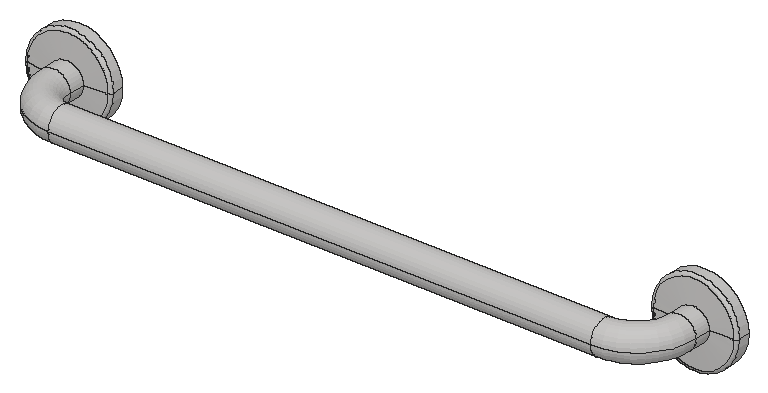
Revit family "RBA4901-Straight-Series", category Plumbing Fixtures, Revit 2021
Family settings
  Round Connector Dimension = Use Diameter
  Part Type = Normal
  Work Plane-Based = No
  Always vertical = Yes
  Cut with Voids When Loaded = No
  Shared = No
  Room Calculation Point = No
Parameters (values of type "RBA4901-060")
  Watermarked By = "www.rba.com.au"
  URL = "www.rba.com.au"
  Phone Number = ""
  OFFSET [instance] = 800 mm
  Modified Issue = ""
  Model = "RBA4901-Straight-Series"
  Materials & Finishes = Stainless Steel Satin Finish
  Manufacturer = "RBA Group"  # constant formula
  Lgth = 600 mm
  Diameter = 32 mm
  Description = "Steri+ShieldTM Straight Grab Rail, Satin"
  Default Elevation = 0 mm
  Copyright by = "RBA Group"  # constant formula
Types (9, lengths in mm): name | URL | Phone Number | Modified Issue | Model | Lgth | Description
  RBA4901-040 | "www.rba.com.au" | "" | "20191108.1" | "RBA4000-040" | 400 | "Straight Grab Rail 400mm"
  RBA4901-120 | "http://www.rba.com.au/accessible-disabled/grab-rails" | "1300 788 778" | "20191004.01" | "RBA4000-120" | 1200 | "Straight Grab Rail 1200mm"
  RBA4901-100 | "http://www.rba.com.au/accessible-disabled/grab-rails" | "1300 788 778" | "20191004.01" | "RBA4000-100" | 1000 | "Straight Grab Rail 1000mm"
  RBA4901-080 | "http://www.rba.com.au/accessible-disabled/grab-rails" | "1300 788 778" | "20191004.01" | "RBA4000-080" | 800 | "Straight Grab Rail 800mm"
  RBA4901-090 | "www.rba.com.au" | "" | "20191004.01" | "RBA4000-090" | 900 | "Straight Grab Rail 900mm"
  RBA4901-070 | "www.rba.com.au" | "" | "20191004.01" | "RBA4000-075" | 700 | "Straight Grab Rail 750mm"
  RBA4901-060 | "www.rba.com.au" | "" | "" | "RBA4901-Straight-Series" | 600 | "Steri+ShieldTM Straight Grab Rail, Satin"
  RBA4901-045 | "www.rba.com.au" | "" | "20191004.01" | "RBA4000-045" | 200 | "Straight Grab Rail 450mm"
  RBA4901-030 | "www.rba.com.au" | "" | "20190510.1" | "RBA4000-030" | 300 | "Straight Grab Rail 300mm"
Reference planes
  plane 1 "Center (Front/Back)": y = 0
  plane 2: z = 0
  plane 3 "Center (Left/Right)": x = 0
  plane 4: x = 0
  plane 5: x = 0
  plane 6: y = -57
  plane 7: y = -89
  plane 8: x = 600
  plane 9: z = 16
  plane 10: z = -16
Forms (mm)
  Sweep 1, solid, material "Stainless Steel Satin Finish" <- "Materials & Finishes"
    path origin (-273.954, -750, 0) x (0, -1, 0) y (1, 0, 0)
      loop
        line (-740, 873.954) -> (-719, 873.954)
        arc (-719, 873.954) -> (-690.716, 862.239) -> (-679, 833.954) r 40
        line (-679, 833.954) -> (-679, 313.954)
        arc (-679, 313.954) -> (-690.716, 285.67) -> (-719, 273.954) r 40
        line (-719, 273.954) -> (-740, 273.954)
    profile origin (300, -71, 0) x (0, -1, 0) y (0, 0, 1)
      loop
        circle (0, 0) r 16
  Extrusion 2, solid, material "Stainless Steel Satin Finish" <- "Materials & Finishes"
    sketch origin (62.5, -2.628, -315.907) x (0, 0, 1) y (1, 0, 0)
      loop
        circle (315.907, -62.5) r 40
    from -0.206 to 2.628
  Revolve 3, solid, material "Stainless Steel Satin Finish" <- "Materials & Finishes"
    sketch origin (62.5, 18.663, 0) x (-1, 0, 0) y (0, -1, 0)
      loop
        line (62.5, 18.663) -> (104, 18.663) -> (104, 28.968)
        arc (104, 28.968) -> (103.207, 31.014) -> (101.243, 31.992) r 3.037
        arc (101.243, 31.992) -> (81.892, 33.334) -> (62.5, 33.781) r 420.249
        line (62.5, 33.781) -> (62.5, 18.663)
      axis (62.5, 18.663) -> (62.5, 33.781)
    angle from 0 to 360
  Extrusion 4, void
    sketch origin (62.704, 34.941, -270.785) x (-0.515038, 0, 0.857167) y (0.857167, 0, 0.515038)
      loop
        circle (248.952, 111.432) r 4.75
      loop
        circle (279.854, 60.002) r 4.75
    from -37.775 to -34.941
  Extrusion 5, solid, material "Stainless Steel Satin Finish" <- "Materials & Finishes"
    sketch origin (237.5, -2.628, -315.907) x (0, 0, 1) y (1, 0, 0)
      loop
        circle (315.907, 362.5) r 40
    from -0.206 to 2.628
  Revolve 6, solid, material "Stainless Steel Satin Finish" <- "Materials & Finishes"
    sketch origin (237.5, 18.663, 0) x (-1, 0, 0) y (0, -1, 0)
      loop
        line (-362.5, 18.663) -> (-362.5, 33.781)
        arc (-362.5, 33.781) -> (-381.892, 33.334) -> (-401.243, 31.992) r 420.249
        arc (-401.243, 31.992) -> (-403.207, 31.014) -> (-404, 28.968) r 3.037
        line (-404, 28.968) -> (-404, 18.663) -> (-362.5, 18.663)
      axis (-362.5, 18.663) -> (-362.5, 33.781)
    angle from 0 to 360
  Extrusion 7, void
    sketch origin (362.704, 34.941, -270.785) x (-0.515038, 0, 0.857167) y (0.857167, 0, 0.515038)
      loop
        circle (125.343, 317.152) r 4.75
      loop
        circle (94.441, 368.582) r 4.75
    from -37.775 to -34.941
Cuts and joins
  Extrusion 7 cuts Sweep 1
  Extrusion 4, Extrusion 7 cuts Extrusion 2
  Extrusion 4, Extrusion 7 cuts Revolve 3
  Extrusion 7 cuts Extrusion 5
  Extrusion 7 cuts Revolve 6
  joined: Sweep 1, Extrusion 2, Revolve 3, Extrusion 5, Revolve 6
Dimensions and locks
  "Lgth": plane 3 "Center (Left/Right)" to plane 8
  radius of Sweep 1 sketch curve = 16 mm
  aligned and locked: level to plane 2
  aligned and locked: Revolve 3 to Extrusion 2
  aligned and locked: Extrusion 2 to Extrusion 4
  aligned and locked: Revolve 6 to Extrusion 5
Automatic sketch dimensions
  Sweep 1 sketch curve to plane 8 = 0 mm
  Sweep 1 sketch curve to plane 3 "Center (Left/Right)" = 0 mm
  plane 6 to Sweep 1 sketch curve = 26 mm  (x2)
  Sweep 1 sketch curve to plane 6 = 14 mm
  plane 1 "Center (Front/Back)" to Sweep 1 sketch curve = 10 mm  (x2)
  Sweep 1 sketch curve to profile plane = 0 mm  (x2)
  Extrusion 2 sketch curve to level = 0 mm
  Extrusion 2 sketch curve to plane 3 "Center (Left/Right)" = 0 mm
  plane 1 "Center (Front/Back)" to Revolve 3 sketch curve = 0 mm
  Revolve 3 sketch curve to plane 3 "Center (Left/Right)" = 0 mm  (x2)
  plane 1 "Center (Front/Back)" to Revolve 3 sketch curve = 10.305 mm
  Revolve 3 sketch curve to plane 3 "Center (Left/Right)" = 38.463 mm
  Revolve 3 sketch curve to Revolve 3 sketch curve = 3.037 mm
  Revolve 3 sketch curve to plane 1 "Center (Front/Back)" = 405.131 mm
  Revolve 3 sketch curve to Revolve 3 sketch curve = 15.118 mm
  Revolve 3 sketch curve to plane 1 "Center (Front/Back)" = 21.537 mm
  Revolve 3 sketch curve to Revolve 3 sketch curve = 0 mm
  plane 6 to Revolve 3 sketch curve = 13.537 mm
  Extrusion 5 sketch curve to level = 0 mm
  plane 8 to Extrusion 5 sketch curve = 0 mm
  plane 1 "Center (Front/Back)" to Revolve 6 sketch curve = 0 mm
  Revolve 6 sketch curve to plane 8 = 0 mm  (x2)
  plane 1 "Center (Front/Back)" to Revolve 6 sketch curve = 10.305 mm
  Revolve 6 sketch curve to plane 8 = 38.463 mm
  Revolve 6 sketch curve to Revolve 6 sketch curve = 3.037 mm
  Revolve 6 sketch curve to plane 1 "Center (Front/Back)" = 405.131 mm
  Revolve 6 sketch curve to Revolve 6 sketch curve = 15.118 mm
  Revolve 6 sketch curve to plane 1 "Center (Front/Back)" = 21.537 mm
  Revolve 6 sketch curve to Revolve 6 sketch curve = 0 mm
  plane 6 to Revolve 6 sketch curve = 13.537 mm
  Extrusion 7 sketch curve to level = 0 mm  (x2)
  Extrusion 7 sketch curve to plane 8 = 30 mm
  Extrusion 7 sketch curve to Extrusion 7 sketch curve = 30.902 mm
  Extrusion 4 sketch curve to level = 0 mm  (x2)
  plane 3 "Center (Left/Right)" to Extrusion 4 sketch curve = 30 mm
  Extrusion 4 sketch curve to Extrusion 4 sketch curve = 30.902 mm
  radius of Extrusion 2 sketch curve = 40 mm
  radius of Extrusion 5 sketch curve = 40 mm
  radius of Extrusion 7 sketch curve = 4.75 mm  (x2)
  radius of Extrusion 4 sketch curve = 4.75 mm  (x2)
